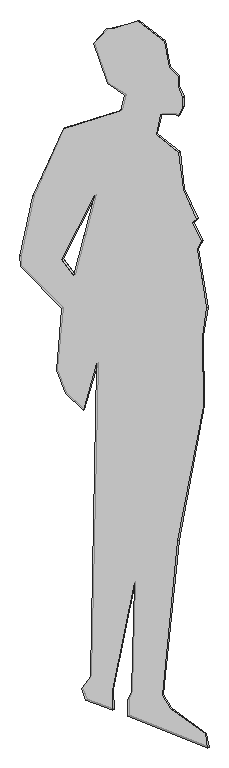
Revit family "ADSK_Антураж_Мужчина_03", category Антураж, Revit 2019
Family settings
  На основе рабочей плоскости = Нет
  Всегда вертикально = Да
  При загрузке вырезать с полостями = Нет
  Источник визуального образа = Геометрия семейства
  Общий = Нет
  Точка расчета площади = Нет
Parameters (values of type "Тип")
  Показать чертеж [instance] = yes
  Высота = 0 mm
  Материал = Антураж
  ADSK_Версия семейства = "1.0"  # constant formula
  ADSK_Версия Revit = "v2019"  # constant formula
Reference planes
  plane 1 "Center (Front/Back)": y = 0
  plane 2: z = 0
  plane 3 "Center (Left/Right)": x = 0
  plane 4: z = 1600
Forms (mm)
  Extrusion 1, solid, material "Антураж" <- "Материал"
    sketch origin (0, 0, 0) x (1, 0, 0) y (0, 0, 1)
      loop
        line (-301.852, 1187.548) -> (-336.949, 1027.998) -> (-336.709, 1003.5) -> (-222.007, 940.892) -> (-236.886, 783.838) -> (-211.985, 735.044) -> (-162.904, 710.959) -> (-126.516, 839.559) -> (-144.421, 61.822) -> (-168.486, 24.884) -> (-155.801, 0) -> (-82.754, 0) -> (-83.245, 50.082) -> (-23.221, 336.616) -> (-31.97, 64.799) -> (-40.533, 43.181) -> (-41.53, 0) -> (178.174, 0) -> (171.731, 32.215) -> (75.33, 61.427) -> (53.186, 86.007) -> (95.817, 480.362) -> (165.663, 836.247) -> (164.006, 1007.76) -> (175.504, 1081.367) -> (149.781, 1215.921) -> (161.75, 1240.524) -> (136.974, 1277.069) -> (149.071, 1289.423) -> (111.835, 1350.36) -> (98.79, 1436.015) -> (37.488, 1459.985) -> (49.189, 1513.257) -> (85.714, 1525.822) -> (97.923, 1525.928) -> (109.904, 1550.54) -> (109.664, 1575.038) -> (97.215, 1599.43) -> (96.976, 1623.937) -> (72.428, 1635.975) -> (59.624, 1697.123) -> (-13.887, 1720.978) -> (-74.595, 1683.704) -> (-98.9, 1671.244) -> (-135.072, 1621.923) -> (-97.606, 1536.488) -> (-48.629, 1524.662) -> (-60.455, 1483.648) -> (-218.268, 1384.277) -> (-301.852, 1187.548)
      loop
        line (-131.481, 1250.26) -> (-222.636, 1060.492) -> (-189.29, 1033.422) -> (-131.481, 1250.26)
    from 0 to 5
Lines and regions (mm)
  model lines
    curve 1: line (0, 150, 0) -> (0, -150, 0)
    curve 2: line (-150, 0, 0) -> (150, 0, 0)
Dimensions and locks
  aligned and locked: level to plane 2
